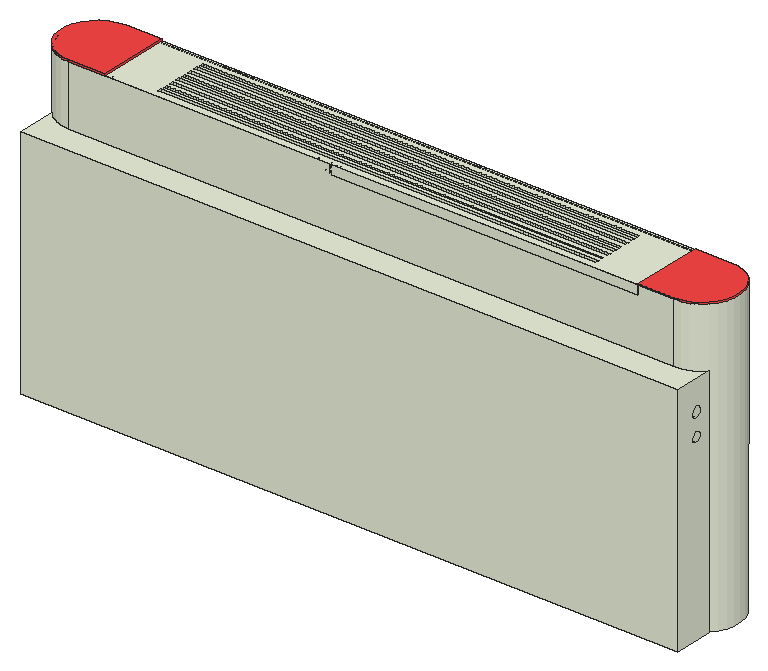
Revit family "MKH1-800-R3(R4)", category Mechanical Equipment, Revit 2013
Parameters (values of type "MKH1-800-R4")
  clearance access up = 1500.000 mm
  clearance access right = 150.000 mm
  clearance access left = 150.000 mm
  clearance access down = 90.000 mm
  clearance access behind = 50.000 mm
  clearance [instance] = no
  Width = 591.000 mm
  Series = "FCU"
  Rated current = 0.51 A
  Power supply = "220-240V ~50Hz/60Hz"
  Power Input(H/M/L) = "118/104/82 W"
  Panel color = "WH101"
  Net Weight = 34.00 kg
  Model = "MKH1-800-R4"
  Manufacturer = "Midea"
  Machine material = Galvanized Steel
  Liquid pipe = 19.050 mm
  Installation = "Indoor installation"
  Height = 200.000 mm
  Heating Capacity(H/M/L) = "8.50/7.60/5.72 kW"
  Drain pipe = 18.500 mm
  Description = "High efficiency water cooled"
  Depth = 1360.000 mm
  Cooling Capacity(H/M/L) = "8.25/7.52/5.87 kW"
  Condensation = "water"
  Circuit breaker = 15 A
  Air Flow(H/M/L) = "1300/1132/836 m3/h"
Types (3, lengths in mm): name | Rated current | Power Input(H/M/L) | Net Weight | Model | Heating Capacity(H/M/L) | Cooling Capacity(H/M/L) | Air Flow(H/M/L)
  (no name) | 0.51 A | "118/104/82 W" | 34.00 kg | "MKH1-800-R4" | "8.50/7.60/5.72 kW" | "8.25/7.52/5.87 kW" | "1300/1132/836 m3/h"
  MKH1-800-R3 | 0.53 A | "123/109/83 W" | 31.70 kg | "MKH1-800-R3" | "8.20/7.09/5.46 kW" | "7.35/6.51/5.15 kW" | "1300/1088/782 m3/h"
  MKH1-800-R4 | 0.51 A | "118/104/82 W" | 34.00 kg | "MKH1-800-R4" | "8.50/7.60/5.72 kW" | "8.25/7.52/5.87 kW" | "1300/1132/836 m3/h"
Reference planes
  plane 1 "Center (Front/Back)": y = 0
  plane 2: z = 0
  plane 3 "Center (Left/Right)": x = 0
  plane 4: x = -680
  plane 5: x = 680
  plane 6: z = 200
  plane 7: z = 80
  plane 8: x = 323
  plane 9: x = -323
  plane 10: y = 28
  plane 11: y = -100
  plane 12: y = 100
  plane 13: y = 150
  plane 14: y = -44
  plane 15: x = 440
  plane 16: x = -440
  plane 17: z = 591
Forms (mm)
  Extrusion 1, solid, material "Galvanized Steel" <- "Machine material"
    sketch origin (0, -100, 247.5) x (1, 0, 0) y (0, 1, 0)
      loop
        arc (608, 56) -> (680, 128) -> (608, 200) r 72
        line (608, 200) -> (-608, 200)
        arc (-608, 200) -> (-680, 128) -> (-608, 56) r 72
        line (-608, 56) -> (608, 56)
      loop
        line (608, 195) -> (-608, 195)
        arc (-608, 195) -> (-675, 128) -> (-608, 61) r 67
        line (-608, 61) -> (608, 61)
        arc (608, 61) -> (675, 128) -> (608, 195) r 67
    from -247.5 to 343.5
  Extrusion 2, solid, material "jinshu red"
    sketch origin (-115, -100, 247.5) x (1, 0, 0) y (0, 1, 0)
      loop
        arc (723, 56) -> (795, 128) -> (723, 200) r 72
        line (723, 200) -> (651, 200) -> (651, 56) -> (723, 56)
      loop
        arc (-493, 200) -> (-565, 128) -> (-493, 56) r 72
        line (-493, 56) -> (-421, 56) -> (-421, 200) -> (-493, 200)
    from 343.5 to 346.5
  Extrusion 3, solid, material "Galvanized Steel" <- "Machine material"
    sketch origin (0, -100, 247.5) x (1, 0, 0) y (0, 1, 0)
      loop
        line (-536, 200) -> (-536, 56) -> (536, 56) -> (536, 200) -> (-536, 200)
      loop
        line (-440, 183.236) -> (-440, 175.236) -> (440, 175.236) -> (440, 183.236) -> (-440, 183.236)
      loop
        line (-440, 168.236) -> (-440, 160.236) -> (440, 160.236) -> (440, 168.236) -> (-440, 168.236)
      loop
        line (-440, 153.236) -> (-440, 145.236) -> (440, 145.236) -> (440, 153.236) -> (-440, 153.236)
      loop
        line (-440, 138.236) -> (-440, 130.236) -> (440, 130.236) -> (440, 138.236) -> (-440, 138.236)
      loop
        line (-440, 123.236) -> (-440, 115.236) -> (440, 115.236) -> (440, 123.236) -> (-440, 123.236)
      loop
        line (-440, 108.236) -> (-440, 100.236) -> (440, 100.236) -> (440, 108.236) -> (-440, 108.236)
      loop
        line (-440, 93.236) -> (-440, 85.236) -> (440, 85.236) -> (440, 93.236) -> (-440, 93.236)
      loop
        line (-440, 78.236) -> (-440, 70.236) -> (440, 70.236) -> (440, 78.236) -> (-440, 78.236)
    from 326.5 to 343.5
  Extrusion 4, solid, material "Galvanized Steel" <- "Machine material"
    sketch origin (0, -100, 247.5) x (1, 0, 0) y (0, 1, 0)
      loop
        line (-660, 0) -> (660, 0) -> (660, 78.2)
        arc (660, 78.2) -> (636.27, 61.782) -> (608, 56) r 72
        line (608, 56) -> (-608, 56)
        arc (-608, 56) -> (-636.27, 61.782) -> (-660, 78.2) r 72
        line (-660, 78.2) -> (-660, 0)
    from -247.5 to 223.188
  Extrusion 5, solid, material "Galvanized Steel" <- "Machine material"
    sketch origin (0, -100, 247.5) x (1, 0, 0) y (0, 1, 0)
      loop
        line (608, 195) -> (-608, 195)
        arc (-608, 195) -> (-675, 128) -> (-608, 61) r 67
        line (-608, 61) -> (608, 61)
        arc (608, 61) -> (675, 128) -> (608, 195) r 67
    from -247.5 to -152.5
  Extrusion 6, solid, material "Galvanized Steel" <- "Machine material"
    sketch origin (500, 500, 0) x (0, -1, 0) y (0, 0, -1)
      loop
        circle (552.877, -410.569) r 9.525
    from 36 to 160
  Extrusion 7, solid, material "Galvanized Steel" <- "Machine material"
    sketch origin (500, 500, -45) x (0, -1, 0) y (0, 0, -1)
      loop
        circle (552.877, -410.569) r 9
    from 36 to 160
  Extrusion 8, void
    sketch origin (-323, 100, 247.5) x (-1, 0, 0) y (0, 0, -1)
      loop
        line (-798, 27.172) -> (-748, 27.172)
        arc (-748, 27.172) -> (-745.5, 29.672) -> (-748, 32.172) r 2.5
        line (-748, 32.172) -> (-798, 32.172)
        arc (-798, 32.172) -> (-800.5, 29.672) -> (-798, 27.172) r 2.5
      loop
        line (-738, 27.172) -> (-688, 27.172)
        arc (-688, 27.172) -> (-685.5, 29.672) -> (-688, 32.172) r 2.5
        line (-688, 32.172) -> (-738, 32.172)
        arc (-738, 32.172) -> (-740.5, 29.672) -> (-738, 27.172) r 2.5
      loop
        line (-678, 27.172) -> (-628, 27.172)
        arc (-628, 27.172) -> (-625.5, 29.672) -> (-628, 32.172) r 2.5
        line (-628, 32.172) -> (-678, 32.172)
        arc (-678, 32.172) -> (-680.5, 29.672) -> (-678, 27.172) r 2.5
      loop
        line (-618, 27.172) -> (-568, 27.172)
        arc (-568, 27.172) -> (-565.5, 29.672) -> (-568, 32.172) r 2.5
        line (-568, 32.172) -> (-618, 32.172)
        arc (-618, 32.172) -> (-620.5, 29.672) -> (-618, 27.172) r 2.5
      loop
        line (-558, 27.172) -> (-508, 27.172)
        arc (-508, 27.172) -> (-505.5, 29.672) -> (-508, 32.172) r 2.5
        line (-508, 32.172) -> (-558, 32.172)
        arc (-558, 32.172) -> (-560.5, 29.672) -> (-558, 27.172) r 2.5
      loop
        line (-498, 27.172) -> (-448, 27.172)
        arc (-448, 27.172) -> (-445.5, 29.672) -> (-448, 32.172) r 2.5
        line (-448, 32.172) -> (-498, 32.172)
        arc (-498, 32.172) -> (-500.5, 29.672) -> (-498, 27.172) r 2.5
      loop
        line (-438, 27.172) -> (-388, 27.172)
        arc (-388, 27.172) -> (-385.5, 29.672) -> (-388, 32.172) r 2.5
        line (-388, 32.172) -> (-438, 32.172)
        arc (-438, 32.172) -> (-440.5, 29.672) -> (-438, 27.172) r 2.5
      loop
        line (-378, 27.172) -> (-328, 27.172)
        arc (-328, 27.172) -> (-325.5, 29.672) -> (-328, 32.172) r 2.5
        line (-328, 32.172) -> (-378, 32.172)
        arc (-378, 32.172) -> (-380.5, 29.672) -> (-378, 27.172) r 2.5
      loop
        line (-318, 27.172) -> (-268, 27.172)
        arc (-268, 27.172) -> (-265.5, 29.672) -> (-268, 32.172) r 2.5
        line (-268, 32.172) -> (-318, 32.172)
        arc (-318, 32.172) -> (-320.5, 29.672) -> (-318, 27.172) r 2.5
      loop
        line (-258, 27.172) -> (-208, 27.172)
        arc (-208, 27.172) -> (-205.5, 29.672) -> (-208, 32.172) r 2.5
        line (-208, 32.172) -> (-258, 32.172)
        arc (-258, 32.172) -> (-260.5, 29.672) -> (-258, 27.172) r 2.5
      loop
        line (-198, 27.172) -> (-148, 27.172)
        arc (-148, 27.172) -> (-145.5, 29.672) -> (-148, 32.172) r 2.5
        line (-148, 32.172) -> (-198, 32.172)
        arc (-198, 32.172) -> (-200.5, 29.672) -> (-198, 27.172) r 2.5
      loop
        line (-138, 27.172) -> (-88, 27.172)
        arc (-88, 27.172) -> (-85.5, 29.672) -> (-88, 32.172) r 2.5
        line (-88, 32.172) -> (-138, 32.172)
        arc (-138, 32.172) -> (-140.5, 29.672) -> (-138, 27.172) r 2.5
      loop
        line (-78, 27.172) -> (-28, 27.172)
        arc (-28, 27.172) -> (-25.5, 29.672) -> (-28, 32.172) r 2.5
        line (-28, 32.172) -> (-78, 32.172)
        arc (-78, 32.172) -> (-80.5, 29.672) -> (-78, 27.172) r 2.5
      loop
        line (-18, 27.172) -> (32, 27.172)
        arc (32, 27.172) -> (34.5, 29.672) -> (32, 32.172) r 2.5
        line (32, 32.172) -> (-18, 32.172)
        arc (-18, 32.172) -> (-20.5, 29.672) -> (-18, 27.172) r 2.5
      loop
        line (42, 27.172) -> (92, 27.172)
        arc (92, 27.172) -> (94.5, 29.672) -> (92, 32.172) r 2.5
        line (92, 32.172) -> (42, 32.172)
        arc (42, 32.172) -> (39.5, 29.672) -> (42, 27.172) r 2.5
      loop
        line (102, 27.172) -> (152, 27.172)
        arc (152, 27.172) -> (154.5, 29.672) -> (152, 32.172) r 2.5
        line (152, 32.172) -> (102, 32.172)
        arc (102, 32.172) -> (99.5, 29.672) -> (102, 27.172) r 2.5
      loop
        line (-798, 37.172) -> (-748, 37.172)
        arc (-748, 37.172) -> (-745.5, 39.672) -> (-748, 42.172) r 2.5
        line (-748, 42.172) -> (-798, 42.172)
        arc (-798, 42.172) -> (-800.5, 39.672) -> (-798, 37.172) r 2.5
      loop
        line (-738, 37.172) -> (-688, 37.172)
        arc (-688, 37.172) -> (-685.5, 39.672) -> (-688, 42.172) r 2.5
        line (-688, 42.172) -> (-738, 42.172)
        arc (-738, 42.172) -> (-740.5, 39.672) -> (-738, 37.172) r 2.5
      loop
        line (-678, 37.172) -> (-628, 37.172)
        arc (-628, 37.172) -> (-625.5, 39.672) -> (-628, 42.172) r 2.5
        line (-628, 42.172) -> (-678, 42.172)
        arc (-678, 42.172) -> (-680.5, 39.672) -> (-678, 37.172) r 2.5
      loop
        line (-618, 37.172) -> (-568, 37.172)
        arc (-568, 37.172) -> (-565.5, 39.672) -> (-568, 42.172) r 2.5
        line (-568, 42.172) -> (-618, 42.172)
        arc (-618, 42.172) -> (-620.5, 39.672) -> (-618, 37.172) r 2.5
      loop
        line (-558, 37.172) -> (-508, 37.172)
        arc (-508, 37.172) -> (-505.5, 39.672) -> (-508, 42.172) r 2.5
        line (-508, 42.172) -> (-558, 42.172)
        arc (-558, 42.172) -> (-560.5, 39.672) -> (-558, 37.172) r 2.5
      loop
        line (-498, 37.172) -> (-448, 37.172)
        arc (-448, 37.172) -> (-445.5, 39.672) -> (-448, 42.172) r 2.5
        line (-448, 42.172) -> (-498, 42.172)
        arc (-498, 42.172) -> (-500.5, 39.672) -> (-498, 37.172) r 2.5
      loop
        line (-438, 37.172) -> (-388, 37.172)
        arc (-388, 37.172) -> (-385.5, 39.672) -> (-388, 42.172) r 2.5
        line (-388, 42.172) -> (-438, 42.172)
        arc (-438, 42.172) -> (-440.5, 39.672) -> (-438, 37.172) r 2.5
      loop
        line (-378, 37.172) -> (-328, 37.172)
        arc (-328, 37.172) -> (-325.5, 39.672) -> (-328, 42.172) r 2.5
        line (-328, 42.172) -> (-378, 42.172)
        arc (-378, 42.172) -> (-380.5, 39.672) -> (-378, 37.172) r 2.5
      loop
        line (-318, 37.172) -> (-268, 37.172)
        arc (-268, 37.172) -> (-265.5, 39.672) -> (-268, 42.172) r 2.5
        line (-268, 42.172) -> (-318, 42.172)
        arc (-318, 42.172) -> (-320.5, 39.672) -> (-318, 37.172) r 2.5
      loop
        line (-258, 37.172) -> (-208, 37.172)
        arc (-208, 37.172) -> (-205.5, 39.672) -> (-208, 42.172) r 2.5
        line (-208, 42.172) -> (-258, 42.172)
        arc (-258, 42.172) -> (-260.5, 39.672) -> (-258, 37.172) r 2.5
      loop
        line (-198, 37.172) -> (-148, 37.172)
        arc (-148, 37.172) -> (-145.5, 39.672) -> (-148, 42.172) r 2.5
        line (-148, 42.172) -> (-198, 42.172)
        arc (-198, 42.172) -> (-200.5, 39.672) -> (-198, 37.172) r 2.5
      loop
        line (-138, 37.172) -> (-88, 37.172)
        arc (-88, 37.172) -> (-85.5, 39.672) -> (-88, 42.172) r 2.5
        line (-88, 42.172) -> (-138, 42.172)
        arc (-138, 42.172) -> (-140.5, 39.672) -> (-138, 37.172) r 2.5
      loop
        line (-78, 37.172) -> (-28, 37.172)
        arc (-28, 37.172) -> (-25.5, 39.672) -> (-28, 42.172) r 2.5
        line (-28, 42.172) -> (-78, 42.172)
        arc (-78, 42.172) -> (-80.5, 39.672) -> (-78, 37.172) r 2.5
      loop
        line (-18, 37.172) -> (32, 37.172)
        arc (32, 37.172) -> (34.5, 39.672) -> (32, 42.172) r 2.5
        line (32, 42.172) -> (-18, 42.172)
        arc (-18, 42.172) -> (-20.5, 39.672) -> (-18, 37.172) r 2.5
      loop
        line (42, 37.172) -> (92, 37.172)
        arc (92, 37.172) -> (94.5, 39.672) -> (92, 42.172) r 2.5
        line (92, 42.172) -> (42, 42.172)
        arc (42, 42.172) -> (39.5, 39.672) -> (42, 37.172) r 2.5
      loop
        line (102, 37.172) -> (152, 37.172)
        arc (152, 37.172) -> (154.5, 39.672) -> (152, 42.172) r 2.5
        line (152, 42.172) -> (102, 42.172)
        arc (102, 42.172) -> (99.5, 39.672) -> (102, 37.172) r 2.5
      loop
        line (-798, 7.172) -> (-748, 7.172)
        arc (-748, 7.172) -> (-745.5, 9.672) -> (-748, 12.172) r 2.5
        line (-748, 12.172) -> (-798, 12.172)
        arc (-798, 12.172) -> (-800.5, 9.672) -> (-798, 7.172) r 2.5
      loop
        line (-738, 7.172) -> (-688, 7.172)
        arc (-688, 7.172) -> (-685.5, 9.672) -> (-688, 12.172) r 2.5
        line (-688, 12.172) -> (-738, 12.172)
        arc (-738, 12.172) -> (-740.5, 9.672) -> (-738, 7.172) r 2.5
      loop
        line (-678, 7.172) -> (-628, 7.172)
        arc (-628, 7.172) -> (-625.5, 9.672) -> (-628, 12.172) r 2.5
        line (-628, 12.172) -> (-678, 12.172)
        arc (-678, 12.172) -> (-680.5, 9.672) -> (-678, 7.172) r 2.5
      loop
        line (-618, 7.172) -> (-568, 7.172)
        arc (-568, 7.172) -> (-565.5, 9.672) -> (-568, 12.172) r 2.5
        line (-568, 12.172) -> (-618, 12.172)
        arc (-618, 12.172) -> (-620.5, 9.672) -> (-618, 7.172) r 2.5
      loop
        line (-558, 7.172) -> (-508, 7.172)
        arc (-508, 7.172) -> (-505.5, 9.672) -> (-508, 12.172) r 2.5
        line (-508, 12.172) -> (-558, 12.172)
        arc (-558, 12.172) -> (-560.5, 9.672) -> (-558, 7.172) r 2.5
      loop
        line (-498, 7.172) -> (-448, 7.172)
        arc (-448, 7.172) -> (-445.5, 9.672) -> (-448, 12.172) r 2.5
        line (-448, 12.172) -> (-498, 12.172)
        arc (-498, 12.172) -> (-500.5, 9.672) -> (-498, 7.172) r 2.5
      loop
        line (-438, 7.172) -> (-388, 7.172)
        arc (-388, 7.172) -> (-385.5, 9.672) -> (-388, 12.172) r 2.5
        line (-388, 12.172) -> (-438, 12.172)
        arc (-438, 12.172) -> (-440.5, 9.672) -> (-438, 7.172) r 2.5
      loop
        line (-378, 7.172) -> (-328, 7.172)
        arc (-328, 7.172) -> (-325.5, 9.672) -> (-328, 12.172) r 2.5
        line (-328, 12.172) -> (-378, 12.172)
        arc (-378, 12.172) -> (-380.5, 9.672) -> (-378, 7.172) r 2.5
      loop
        line (-318, 7.172) -> (-268, 7.172)
        arc (-268, 7.172) -> (-265.5, 9.672) -> (-268, 12.172) r 2.5
        line (-268, 12.172) -> (-318, 12.172)
        arc (-318, 12.172) -> (-320.5, 9.672) -> (-318, 7.172) r 2.5
      loop
        line (-258, 7.172) -> (-208, 7.172)
        arc (-208, 7.172) -> (-205.5, 9.672) -> (-208, 12.172) r 2.5
        line (-208, 12.172) -> (-258, 12.172)
        arc (-258, 12.172) -> (-260.5, 9.672) -> (-258, 7.172) r 2.5
      loop
        line (-198, 7.172) -> (-148, 7.172)
        arc (-148, 7.172) -> (-145.5, 9.672) -> (-148, 12.172) r 2.5
        line (-148, 12.172) -> (-198, 12.172)
        arc (-198, 12.172) -> (-200.5, 9.672) -> (-198, 7.172) r 2.5
      loop
        line (-138, 7.172) -> (-88, 7.172)
        arc (-88, 7.172) -> (-85.5, 9.672) -> (-88, 12.172) r 2.5
        line (-88, 12.172) -> (-138, 12.172)
        arc (-138, 12.172) -> (-140.5, 9.672) -> (-138, 7.172) r 2.5
      loop
        line (-78, 7.172) -> (-28, 7.172)
        arc (-28, 7.172) -> (-25.5, 9.672) -> (-28, 12.172) r 2.5
        line (-28, 12.172) -> (-78, 12.172)
        arc (-78, 12.172) -> (-80.5, 9.672) -> (-78, 7.172) r 2.5
      loop
        line (-18, 7.172) -> (32, 7.172)
        arc (32, 7.172) -> (34.5, 9.672) -> (32, 12.172) r 2.5
        line (32, 12.172) -> (-18, 12.172)
        arc (-18, 12.172) -> (-20.5, 9.672) -> (-18, 7.172) r 2.5
      loop
        line (42, 7.172) -> (92, 7.172)
        arc (92, 7.172) -> (94.5, 9.672) -> (92, 12.172) r 2.5
        line (92, 12.172) -> (42, 12.172)
        arc (42, 12.172) -> (39.5, 9.672) -> (42, 7.172) r 2.5
      loop
        line (102, 7.172) -> (152, 7.172)
        arc (152, 7.172) -> (154.5, 9.672) -> (152, 12.172) r 2.5
        line (152, 12.172) -> (102, 12.172)
        arc (102, 12.172) -> (99.5, 9.672) -> (102, 7.172) r 2.5
      loop
        line (-798, 17.172) -> (-748, 17.172)
        arc (-748, 17.172) -> (-745.5, 19.672) -> (-748, 22.172) r 2.5
        line (-748, 22.172) -> (-798, 22.172)
        arc (-798, 22.172) -> (-800.5, 19.672) -> (-798, 17.172) r 2.5
      loop
        line (-738, 17.172) -> (-688, 17.172)
        arc (-688, 17.172) -> (-685.5, 19.672) -> (-688, 22.172) r 2.5
        line (-688, 22.172) -> (-738, 22.172)
        arc (-738, 22.172) -> (-740.5, 19.672) -> (-738, 17.172) r 2.5
      loop
        line (-678, 17.172) -> (-628, 17.172)
        arc (-628, 17.172) -> (-625.5, 19.672) -> (-628, 22.172) r 2.5
        line (-628, 22.172) -> (-678, 22.172)
        arc (-678, 22.172) -> (-680.5, 19.672) -> (-678, 17.172) r 2.5
      loop
        line (-618, 17.172) -> (-568, 17.172)
        arc (-568, 17.172) -> (-565.5, 19.672) -> (-568, 22.172) r 2.5
        line (-568, 22.172) -> (-618, 22.172)
        arc (-618, 22.172) -> (-620.5, 19.672) -> (-618, 17.172) r 2.5
      loop
        line (-558, 17.172) -> (-508, 17.172)
        arc (-508, 17.172) -> (-505.5, 19.672) -> (-508, 22.172) r 2.5
        line (-508, 22.172) -> (-558, 22.172)
        arc (-558, 22.172) -> (-560.5, 19.672) -> (-558, 17.172) r 2.5
      loop
        line (-498, 17.172) -> (-448, 17.172)
        arc (-448, 17.172) -> (-445.5, 19.672) -> (-448, 22.172) r 2.5
        line (-448, 22.172) -> (-498, 22.172)
        arc (-498, 22.172) -> (-500.5, 19.672) -> (-498, 17.172) r 2.5
      loop
        line (-438, 17.172) -> (-388, 17.172)
        arc (-388, 17.172) -> (-385.5, 19.672) -> (-388, 22.172) r 2.5
        line (-388, 22.172) -> (-438, 22.172)
        arc (-438, 22.172) -> (-440.5, 19.672) -> (-438, 17.172) r 2.5
      loop
        line (-378, 17.172) -> (-328, 17.172)
        arc (-328, 17.172) -> (-325.5, 19.672) -> (-328, 22.172) r 2.5
        line (-328, 22.172) -> (-378, 22.172)
        arc (-378, 22.172) -> (-380.5, 19.672) -> (-378, 17.172) r 2.5
      loop
        line (-318, 17.172) -> (-268, 17.172)
        arc (-268, 17.172) -> (-265.5, 19.672) -> (-268, 22.172) r 2.5
        line (-268, 22.172) -> (-318, 22.172)
        arc (-318, 22.172) -> (-320.5, 19.672) -> (-318, 17.172) r 2.5
      loop
        line (-258, 17.172) -> (-208, 17.172)
        arc (-208, 17.172) -> (-205.5, 19.672) -> (-208, 22.172) r 2.5
        line (-208, 22.172) -> (-258, 22.172)
        arc (-258, 22.172) -> (-260.5, 19.672) -> (-258, 17.172) r 2.5
      loop
        line (-198, 17.172) -> (-148, 17.172)
        arc (-148, 17.172) -> (-145.5, 19.672) -> (-148, 22.172) r 2.5
        line (-148, 22.172) -> (-198, 22.172)
        arc (-198, 22.172) -> (-200.5, 19.672) -> (-198, 17.172) r 2.5
      loop
        line (-138, 17.172) -> (-88, 17.172)
        arc (-88, 17.172) -> (-85.5, 19.672) -> (-88, 22.172) r 2.5
        line (-88, 22.172) -> (-138, 22.172)
        arc (-138, 22.172) -> (-140.5, 19.672) -> (-138, 17.172) r 2.5
      loop
        line (-78, 17.172) -> (-28, 17.172)
        arc (-28, 17.172) -> (-25.5, 19.672) -> (-28, 22.172) r 2.5
        line (-28, 22.172) -> (-78, 22.172)
        arc (-78, 22.172) -> (-80.5, 19.672) -> (-78, 17.172) r 2.5
      loop
        line (-18, 17.172) -> (32, 17.172)
        arc (32, 17.172) -> (34.5, 19.672) -> (32, 22.172) r 2.5
        line (32, 22.172) -> (-18, 22.172)
        arc (-18, 22.172) -> (-20.5, 19.672) -> (-18, 17.172) r 2.5
      loop
        line (42, 17.172) -> (92, 17.172)
        arc (92, 17.172) -> (94.5, 19.672) -> (92, 22.172) r 2.5
        line (92, 22.172) -> (42, 22.172)
        arc (42, 22.172) -> (39.5, 19.672) -> (42, 17.172) r 2.5
      loop
        line (102, 17.172) -> (152, 17.172)
        arc (152, 17.172) -> (154.5, 19.672) -> (152, 22.172) r 2.5
        line (152, 22.172) -> (102, 22.172)
        arc (102, 22.172) -> (99.5, 19.672) -> (102, 17.172) r 2.5
      loop
        line (-798, -12.828) -> (-748, -12.828)
        arc (-748, -12.828) -> (-745.5, -10.328) -> (-748, -7.828) r 2.5
        line (-748, -7.828) -> (-798, -7.828)
        arc (-798, -7.828) -> (-800.5, -10.328) -> (-798, -12.828) r 2.5
      loop
        line (-738, -12.828) -> (-688, -12.828)
        arc (-688, -12.828) -> (-685.5, -10.328) -> (-688, -7.828) r 2.5
        line (-688, -7.828) -> (-738, -7.828)
        arc (-738, -7.828) -> (-740.5, -10.328) -> (-738, -12.828) r 2.5
      loop
        line (-678, -12.828) -> (-628, -12.828)
        arc (-628, -12.828) -> (-625.5, -10.328) -> (-628, -7.828) r 2.5
        line (-628, -7.828) -> (-678, -7.828)
        arc (-678, -7.828) -> (-680.5, -10.328) -> (-678, -12.828) r 2.5
      loop
        line (-618, -12.828) -> (-568, -12.828)
        arc (-568, -12.828) -> (-565.5, -10.328) -> (-568, -7.828) r 2.5
        line (-568, -7.828) -> (-618, -7.828)
        arc (-618, -7.828) -> (-620.5, -10.328) -> (-618, -12.828) r 2.5
      loop
        line (-558, -12.828) -> (-508, -12.828)
        arc (-508, -12.828) -> (-505.5, -10.328) -> (-508, -7.828) r 2.5
        line (-508, -7.828) -> (-558, -7.828)
        arc (-558, -7.828) -> (-560.5, -10.328) -> (-558, -12.828) r 2.5
      loop
        line (-498, -12.828) -> (-448, -12.828)
        arc (-448, -12.828) -> (-445.5, -10.328) -> (-448, -7.828) r 2.5
        line (-448, -7.828) -> (-498, -7.828)
        arc (-498, -7.828) -> (-500.5, -10.328) -> (-498, -12.828) r 2.5
      loop
        line (-438, -12.828) -> (-388, -12.828)
        arc (-388, -12.828) -> (-385.5, -10.328) -> (-388, -7.828) r 2.5
        line (-388, -7.828) -> (-438, -7.828)
        arc (-438, -7.828) -> (-440.5, -10.328) -> (-438, -12.828) r 2.5
      loop
        line (-378, -12.828) -> (-328, -12.828)
        arc (-328, -12.828) -> (-325.5, -10.328) -> (-328, -7.828) r 2.5
        line (-328, -7.828) -> (-378, -7.828)
        arc (-378, -7.828) -> (-380.5, -10.328) -> (-378, -12.828) r 2.5
      loop
        line (-318, -12.828) -> (-268, -12.828)
        arc (-268, -12.828) -> (-265.5, -10.328) -> (-268, -7.828) r 2.5
        line (-268, -7.828) -> (-318, -7.828)
        arc (-318, -7.828) -> (-320.5, -10.328) -> (-318, -12.828) r 2.5
      loop
        line (-258, -12.828) -> (-208, -12.828)
        arc (-208, -12.828) -> (-205.5, -10.328) -> (-208, -7.828) r 2.5
        line (-208, -7.828) -> (-258, -7.828)
        arc (-258, -7.828) -> (-260.5, -10.328) -> (-258, -12.828) r 2.5
      loop
        line (-198, -12.828) -> (-148, -12.828)
        arc (-148, -12.828) -> (-145.5, -10.328) -> (-148, -7.828) r 2.5
        line (-148, -7.828) -> (-198, -7.828)
        arc (-198, -7.828) -> (-200.5, -10.328) -> (-198, -12.828) r 2.5
      loop
        line (-138, -12.828) -> (-88, -12.828)
        arc (-88, -12.828) -> (-85.5, -10.328) -> (-88, -7.828) r 2.5
        line (-88, -7.828) -> (-138, -7.828)
        arc (-138, -7.828) -> (-140.5, -10.328) -> (-138, -12.828) r 2.5
      loop
        line (-78, -12.828) -> (-28, -12.828)
        arc (-28, -12.828) -> (-25.5, -10.328) -> (-28, -7.828) r 2.5
        line (-28, -7.828) -> (-78, -7.828)
        arc (-78, -7.828) -> (-80.5, -10.328) -> (-78, -12.828) r 2.5
      loop
        line (-18, -12.828) -> (32, -12.828)
        arc (32, -12.828) -> (34.5, -10.328) -> (32, -7.828) r 2.5
        line (32, -7.828) -> (-18, -7.828)
        arc (-18, -7.828) -> (-20.5, -10.328) -> (-18, -12.828) r 2.5
      loop
        line (42, -12.828) -> (92, -12.828)
        arc (92, -12.828) -> (94.5, -10.328) -> (92, -7.828) r 2.5
        line (92, -7.828) -> (42, -7.828)
        arc (42, -7.828) -> (39.5, -10.328) -> (42, -12.828) r 2.5
      loop
        line (102, -12.828) -> (152, -12.828)
        arc (152, -12.828) -> (154.5, -10.328) -> (152, -7.828) r 2.5
        line (152, -7.828) -> (102, -7.828)
        arc (102, -7.828) -> (99.5, -10.328) -> (102, -12.828) r 2.5
      loop
        line (-798, -2.828) -> (-748, -2.828)
        arc (-748, -2.828) -> (-745.5, -0.328) -> (-748, 2.172) r 2.5
        line (-748, 2.172) -> (-798, 2.172)
        arc (-798, 2.172) -> (-800.5, -0.328) -> (-798, -2.828) r 2.5
      loop
        line (-738, -2.828) -> (-688, -2.828)
        arc (-688, -2.828) -> (-685.5, -0.328) -> (-688, 2.172) r 2.5
        line (-688, 2.172) -> (-738, 2.172)
        arc (-738, 2.172) -> (-740.5, -0.328) -> (-738, -2.828) r 2.5
      loop
        line (-678, -2.828) -> (-628, -2.828)
        arc (-628, -2.828) -> (-625.5, -0.328) -> (-628, 2.172) r 2.5
        line (-628, 2.172) -> (-678, 2.172)
        arc (-678, 2.172) -> (-680.5, -0.328) -> (-678, -2.828) r 2.5
      loop
        line (-618, -2.828) -> (-568, -2.828)
        arc (-568, -2.828) -> (-565.5, -0.328) -> (-568, 2.172) r 2.5
        line (-568, 2.172) -> (-618, 2.172)
        arc (-618, 2.172) -> (-620.5, -0.328) -> (-618, -2.828) r 2.5
      loop
        line (-558, -2.828) -> (-508, -2.828)
        arc (-508, -2.828) -> (-505.5, -0.328) -> (-508, 2.172) r 2.5
        line (-508, 2.172) -> (-558, 2.172)
        arc (-558, 2.172) -> (-560.5, -0.328) -> (-558, -2.828) r 2.5
      loop
        line (-498, -2.828) -> (-448, -2.828)
        arc (-448, -2.828) -> (-445.5, -0.328) -> (-448, 2.172) r 2.5
        line (-448, 2.172) -> (-498, 2.172)
        arc (-498, 2.172) -> (-500.5, -0.328) -> (-498, -2.828) r 2.5
      loop
        line (-438, -2.828) -> (-388, -2.828)
        arc (-388, -2.828) -> (-385.5, -0.328) -> (-388, 2.172) r 2.5
        line (-388, 2.172) -> (-438, 2.172)
        arc (-438, 2.172) -> (-440.5, -0.328) -> (-438, -2.828) r 2.5
      loop
        line (-378, -2.828) -> (-328, -2.828)
        arc (-328, -2.828) -> (-325.5, -0.328) -> (-328, 2.172) r 2.5
        line (-328, 2.172) -> (-378, 2.172)
        arc (-378, 2.172) -> (-380.5, -0.328) -> (-378, -2.828) r 2.5
      loop
        line (-318, -2.828) -> (-268, -2.828)
        arc (-268, -2.828) -> (-265.5, -0.328) -> (-268, 2.172) r 2.5
        line (-268, 2.172) -> (-318, 2.172)
        arc (-318, 2.172) -> (-320.5, -0.328) -> (-318, -2.828) r 2.5
      loop
        line (-258, -2.828) -> (-208, -2.828)
        arc (-208, -2.828) -> (-205.5, -0.328) -> (-208, 2.172) r 2.5
        line (-208, 2.172) -> (-258, 2.172)
        arc (-258, 2.172) -> (-260.5, -0.328) -> (-258, -2.828) r 2.5
      loop
        line (-198, -2.828) -> (-148, -2.828)
        arc (-148, -2.828) -> (-145.5, -0.328) -> (-148, 2.172) r 2.5
        line (-148, 2.172) -> (-198, 2.172)
        arc (-198, 2.172) -> (-200.5, -0.328) -> (-198, -2.828) r 2.5
      loop
        line (-138, -2.828) -> (-88, -2.828)
        arc (-88, -2.828) -> (-85.5, -0.328) -> (-88, 2.172) r 2.5
        line (-88, 2.172) -> (-138, 2.172)
        arc (-138, 2.172) -> (-140.5, -0.328) -> (-138, -2.828) r 2.5
      loop
        line (-78, -2.828) -> (-28, -2.828)
        arc (-28, -2.828) -> (-25.5, -0.328) -> (-28, 2.172) r 2.5
        line (-28, 2.172) -> (-78, 2.172)
        arc (-78, 2.172) -> (-80.5, -0.328) -> (-78, -2.828) r 2.5
      loop
        line (-18, -2.828) -> (32, -2.828)
        arc (32, -2.828) -> (34.5, -0.328) -> (32, 2.172) r 2.5
        line (32, 2.172) -> (-18, 2.172)
        arc (-18, 2.172) -> (-20.5, -0.328) -> (-18, -2.828) r 2.5
      loop
        line (42, -2.828) -> (92, -2.828)
        arc (92, -2.828) -> (94.5, -0.328) -> (92, 2.172) r 2.5
        line (92, 2.172) -> (42, 2.172)
        arc (42, 2.172) -> (39.5, -0.328) -> (42, -2.828) r 2.5
      loop
        line (102, -2.828) -> (152, -2.828)
        arc (152, -2.828) -> (154.5, -0.328) -> (152, 2.172) r 2.5
        line (152, 2.172) -> (102, 2.172)
        arc (102, 2.172) -> (99.5, -0.328) -> (102, -2.828) r 2.5
      loop
        line (-798, -32.828) -> (-748, -32.828)
        arc (-748, -32.828) -> (-745.5, -30.328) -> (-748, -27.828) r 2.5
        line (-748, -27.828) -> (-798, -27.828)
        arc (-798, -27.828) -> (-800.5, -30.328) -> (-798, -32.828) r 2.5
      loop
        line (-738, -32.828) -> (-688, -32.828)
        arc (-688, -32.828) -> (-685.5, -30.328) -> (-688, -27.828) r 2.5
        line (-688, -27.828) -> (-738, -27.828)
        arc (-738, -27.828) -> (-740.5, -30.328) -> (-738, -32.828) r 2.5
      loop
        line (-678, -32.828) -> (-628, -32.828)
        arc (-628, -32.828) -> (-625.5, -30.328) -> (-628, -27.828) r 2.5
        line (-628, -27.828) -> (-678, -27.828)
        arc (-678, -27.828) -> (-680.5, -30.328) -> (-678, -32.828) r 2.5
      loop
        line (-618, -32.828) -> (-568, -32.828)
        arc (-568, -32.828) -> (-565.5, -30.328) -> (-568, -27.828) r 2.5
        line (-568, -27.828) -> (-618, -27.828)
        arc (-618, -27.828) -> (-620.5, -30.328) -> (-618, -32.828) r 2.5
      loop
        line (-558, -32.828) -> (-508, -32.828)
        arc (-508, -32.828) -> (-505.5, -30.328) -> (-508, -27.828) r 2.5
        line (-508, -27.828) -> (-558, -27.828)
        arc (-558, -27.828) -> (-560.5, -30.328) -> (-558, -32.828) r 2.5
      loop
        line (-498, -32.828) -> (-448, -32.828)
        arc (-448, -32.828) -> (-445.5, -30.328) -> (-448, -27.828) r 2.5
        line (-448, -27.828) -> (-498, -27.828)
        arc (-498, -27.828) -> (-500.5, -30.328) -> (-498, -32.828) r 2.5
      loop
        line (-438, -32.828) -> (-388, -32.828)
        arc (-388, -32.828) -> (-385.5, -30.328) -> (-388, -27.828) r 2.5
        line (-388, -27.828) -> (-438, -27.828)
        arc (-438, -27.828) -> (-440.5, -30.328) -> (-438, -32.828) r 2.5
      loop
        line (-378, -32.828) -> (-328, -32.828)
        arc (-328, -32.828) -> (-325.5, -30.328) -> (-328, -27.828) r 2.5
        line (-328, -27.828) -> (-378, -27.828)
        arc (-378, -27.828) -> (-380.5, -30.328) -> (-378, -32.828) r 2.5
      loop
        line (-318, -32.828) -> (-268, -32.828)
        arc (-268, -32.828) -> (-265.5, -30.328) -> (-268, -27.828) r 2.5
        line (-268, -27.828) -> (-318, -27.828)
        arc (-318, -27.828) -> (-320.5, -30.328) -> (-318, -32.828) r 2.5
      loop
        line (-258, -32.828) -> (-208, -32.828)
        arc (-208, -32.828) -> (-205.5, -30.328) -> (-208, -27.828) r 2.5
        line (-208, -27.828) -> (-258, -27.828)
        arc (-258, -27.828) -> (-260.5, -30.328) -> (-258, -32.828) r 2.5
      loop
        line (-198, -32.828) -> (-148, -32.828)
        arc (-148, -32.828) -> (-145.5, -30.328) -> (-148, -27.828) r 2.5
        line (-148, -27.828) -> (-198, -27.828)
        arc (-198, -27.828) -> (-200.5, -30.328) -> (-198, -32.828) r 2.5
      loop
        line (-138, -32.828) -> (-88, -32.828)
        arc (-88, -32.828) -> (-85.5, -30.328) -> (-88, -27.828) r 2.5
        line (-88, -27.828) -> (-138, -27.828)
        arc (-138, -27.828) -> (-140.5, -30.328) -> (-138, -32.828) r 2.5
      loop
        line (-78, -32.828) -> (-28, -32.828)
        arc (-28, -32.828) -> (-25.5, -30.328) -> (-28, -27.828) r 2.5
        line (-28, -27.828) -> (-78, -27.828)
        arc (-78, -27.828) -> (-80.5, -30.328) -> (-78, -32.828) r 2.5
      loop
        line (-18, -32.828) -> (32, -32.828)
        arc (32, -32.828) -> (34.5, -30.328) -> (32, -27.828) r 2.5
        line (32, -27.828) -> (-18, -27.828)
        arc (-18, -27.828) -> (-20.5, -30.328) -> (-18, -32.828) r 2.5
      loop
        line (42, -32.828) -> (92, -32.828)
        arc (92, -32.828) -> (94.5, -30.328) -> (92, -27.828) r 2.5
        line (92, -27.828) -> (42, -27.828)
        arc (42, -27.828) -> (39.5, -30.328) -> (42, -32.828) r 2.5
      loop
        line (102, -32.828) -> (152, -32.828)
        arc (152, -32.828) -> (154.5, -30.328) -> (152, -27.828) r 2.5
        line (152, -27.828) -> (102, -27.828)
        arc (102, -27.828) -> (99.5, -30.328) -> (102, -32.828) r 2.5
      loop
        line (-798, -22.828) -> (-748, -22.828)
        arc (-748, -22.828) -> (-745.5, -20.328) -> (-748, -17.828) r 2.5
        line (-748, -17.828) -> (-798, -17.828)
        arc (-798, -17.828) -> (-800.5, -20.328) -> (-798, -22.828) r 2.5
      loop
        line (-738, -22.828) -> (-688, -22.828)
        arc (-688, -22.828) -> (-685.5, -20.328) -> (-688, -17.828) r 2.5
        line (-688, -17.828) -> (-738, -17.828)
        arc (-738, -17.828) -> (-740.5, -20.328) -> (-738, -22.828) r 2.5
      loop
        line (-678, -22.828) -> (-628, -22.828)
        arc (-628, -22.828) -> (-625.5, -20.328) -> (-628, -17.828) r 2.5
        line (-628, -17.828) -> (-678, -17.828)
        arc (-678, -17.828) -> (-680.5, -20.328) -> (-678, -22.828) r 2.5
      loop
        line (-618, -22.828) -> (-568, -22.828)
        arc (-568, -22.828) -> (-565.5, -20.328) -> (-568, -17.828) r 2.5
        line (-568, -17.828) -> (-618, -17.828)
        arc (-618, -17.828) -> (-620.5, -20.328) -> (-618, -22.828) r 2.5
      loop
        line (-558, -22.828) -> (-508, -22.828)
        arc (-508, -22.828) -> (-505.5, -20.328) -> (-508, -17.828) r 2.5
        line (-508, -17.828) -> (-558, -17.828)
        arc (-558, -17.828) -> (-560.5, -20.328) -> (-558, -22.828) r 2.5
      loop
        line (-498, -22.828) -> (-448, -22.828)
        arc (-448, -22.828) -> (-445.5, -20.328) -> (-448, -17.828) r 2.5
        line (-448, -17.828) -> (-498, -17.828)
        arc (-498, -17.828) -> (-500.5, -20.328) -> (-498, -22.828) r 2.5
      loop
        line (-438, -22.828) -> (-388, -22.828)
        arc (-388, -22.828) -> (-385.5, -20.328) -> (-388, -17.828) r 2.5
        line (-388, -17.828) -> (-438, -17.828)
        arc (-438, -17.828) -> (-440.5, -20.328) -> (-438, -22.828) r 2.5
      loop
        line (-378, -22.828) -> (-328, -22.828)
        arc (-328, -22.828) -> (-325.5, -20.328) -> (-328, -17.828) r 2.5
        line (-328, -17.828) -> (-378, -17.828)
        arc (-378, -17.828) -> (-380.5, -20.328) -> (-378, -22.828) r 2.5
      loop
        line (-318, -22.828) -> (-268, -22.828)
        arc (-268, -22.828) -> (-265.5, -20.328) -> (-268, -17.828) r 2.5
        line (-268, -17.828) -> (-318, -17.828)
        arc (-318, -17.828) -> (-320.5, -20.328) -> (-318, -22.828) r 2.5
      loop
        line (-258, -22.828) -> (-208, -22.828)
        arc (-208, -22.828) -> (-205.5, -20.328) -> (-208, -17.828) r 2.5
        line (-208, -17.828) -> (-258, -17.828)
        arc (-258, -17.828) -> (-260.5, -20.328) -> (-258, -22.828) r 2.5
      loop
        line (-198, -22.828) -> (-148, -22.828)
        arc (-148, -22.828) -> (-145.5, -20.328) -> (-148, -17.828) r 2.5
        line (-148, -17.828) -> (-198, -17.828)
        arc (-198, -17.828) -> (-200.5, -20.328) -> (-198, -22.828) r 2.5
      loop
        line (-138, -22.828) -> (-88, -22.828)
        arc (-88, -22.828) -> (-85.5, -20.328) -> (-88, -17.828) r 2.5
        line (-88, -17.828) -> (-138, -17.828)
        arc (-138, -17.828) -> (-140.5, -20.328) -> (-138, -22.828) r 2.5
      loop
        line (-78, -22.828) -> (-28, -22.828)
        arc (-28, -22.828) -> (-25.5, -20.328) -> (-28, -17.828) r 2.5
        line (-28, -17.828) -> (-78, -17.828)
        arc (-78, -17.828) -> (-80.5, -20.328) -> (-78, -22.828) r 2.5
      loop
        line (-18, -22.828) -> (32, -22.828)
        arc (32, -22.828) -> (34.5, -20.328) -> (32, -17.828) r 2.5
        line (32, -17.828) -> (-18, -17.828)
        arc (-18, -17.828) -> (-20.5, -20.328) -> (-18, -22.828) r 2.5
      loop
        line (42, -22.828) -> (92, -22.828)
        arc (92, -22.828) -> (94.5, -20.328) -> (92, -17.828) r 2.5
        line (92, -17.828) -> (42, -17.828)
        arc (42, -17.828) -> (39.5, -20.328) -> (42, -22.828) r 2.5
      loop
        line (102, -22.828) -> (152, -22.828)
        arc (152, -22.828) -> (154.5, -20.328) -> (152, -17.828) r 2.5
        line (152, -17.828) -> (102, -17.828)
        arc (102, -17.828) -> (99.5, -20.328) -> (102, -22.828) r 2.5
      loop
        line (-798, 67.172) -> (-748, 67.172)
        arc (-748, 67.172) -> (-745.5, 69.672) -> (-748, 72.172) r 2.5
        line (-748, 72.172) -> (-798, 72.172)
        arc (-798, 72.172) -> (-800.5, 69.672) -> (-798, 67.172) r 2.5
      loop
        line (-738, 67.172) -> (-688, 67.172)
        arc (-688, 67.172) -> (-685.5, 69.672) -> (-688, 72.172) r 2.5
        line (-688, 72.172) -> (-738, 72.172)
        arc (-738, 72.172) -> (-740.5, 69.672) -> (-738, 67.172) r 2.5
      loop
        line (-678, 67.172) -> (-628, 67.172)
        arc (-628, 67.172) -> (-625.5, 69.672) -> (-628, 72.172) r 2.5
        line (-628, 72.172) -> (-678, 72.172)
        arc (-678, 72.172) -> (-680.5, 69.672) -> (-678, 67.172) r 2.5
      loop
        line (-618, 67.172) -> (-568, 67.172)
        arc (-568, 67.172) -> (-565.5, 69.672) -> (-568, 72.172) r 2.5
        line (-568, 72.172) -> (-618, 72.172)
        arc (-618, 72.172) -> (-620.5, 69.672) -> (-618, 67.172) r 2.5
      loop
        line (-558, 67.172) -> (-508, 67.172)
        arc (-508, 67.172) -> (-505.5, 69.672) -> (-508, 72.172) r 2.5
        line (-508, 72.172) -> (-558, 72.172)
        arc (-558, 72.172) -> (-560.5, 69.672) -> (-558, 67.172) r 2.5
      loop
        line (-498, 67.172) -> (-448, 67.172)
        arc (-448, 67.172) -> (-445.5, 69.672) -> (-448, 72.172) r 2.5
        line (-448, 72.172) -> (-498, 72.172)
        arc (-498, 72.172) -> (-500.5, 69.672) -> (-498, 67.172) r 2.5
      loop
        line (-438, 67.172) -> (-388, 67.172)
        arc (-388, 67.172) -> (-385.5, 69.672) -> (-388, 72.172) r 2.5
        line (-388, 72.172) -> (-438, 72.172)
        arc (-438, 72.172) -> (-440.5, 69.672) -> (-438, 67.172) r 2.5
      loop
        line (-378, 67.172) -> (-328, 67.172)
        arc (-328, 67.172) -> (-325.5, 69.672) -> (-328, 72.172) r 2.5
        line (-328, 72.172) -> (-378, 72.172)
        arc (-378, 72.172) -> (-380.5, 69.672) -> (-378, 67.172) r 2.5
      loop
        line (-318, 67.172) -> (-268, 67.172)
        arc (-268, 67.172) -> (-265.5, 69.672) -> (-268, 72.172) r 2.5
        line (-268, 72.172) -> (-318, 72.172)
        arc (-318, 72.172) -> (-320.5, 69.672) -> (-318, 67.172) r 2.5
      loop
        line (-258, 67.172) -> (-208, 67.172)
        arc (-208, 67.172) -> (-205.5, 69.672) -> (-208, 72.172) r 2.5
        line (-208, 72.172) -> (-258, 72.172)
        arc (-258, 72.172) -> (-260.5, 69.672) -> (-258, 67.172) r 2.5
      loop
        line (-198, 67.172) -> (-148, 67.172)
        arc (-148, 67.172) -> (-145.5, 69.672) -> (-148, 72.172) r 2.5
        line (-148, 72.172) -> (-198, 72.172)
        arc (-198, 72.172) -> (-200.5, 69.672) -> (-198, 67.172) r 2.5
      loop
        line (-138, 67.172) -> (-88, 67.172)
        arc (-88, 67.172) -> (-85.5, 69.672) -> (-88, 72.172) r 2.5
        line (-88, 72.172) -> (-138, 72.172)
        arc (-138, 72.172) -> (-140.5, 69.672) -> (-138, 67.172) r 2.5
      loop
        line (-78, 67.172) -> (-28, 67.172)
        arc (-28, 67.172) -> (-25.5, 69.672) -> (-28, 72.172) r 2.5
        line (-28, 72.172) -> (-78, 72.172)
        arc (-78, 72.172) -> (-80.5, 69.672) -> (-78, 67.172) r 2.5
      loop
        line (-18, 67.172) -> (32, 67.172)
        arc (32, 67.172) -> (34.5, 69.672) -> (32, 72.172) r 2.5
        line (32, 72.172) -> (-18, 72.172)
        arc (-18, 72.172) -> (-20.5, 69.672) -> (-18, 67.172) r 2.5
      loop
        line (42, 67.172) -> (92, 67.172)
        arc (92, 67.172) -> (94.5, 69.672) -> (92, 72.172) r 2.5
        line (92, 72.172) -> (42, 72.172)
        arc (42, 72.172) -> (39.5, 69.672) -> (42, 67.172) r 2.5
      loop
        line (102, 67.172) -> (152, 67.172)
        arc (152, 67.172) -> (154.5, 69.672) -> (152, 72.172) r 2.5
        line (152, 72.172) -> (102, 72.172)
        arc (102, 72.172) -> (99.5, 69.672) -> (102, 67.172) r 2.5
      loop
        line (-798, 77.172) -> (-748, 77.172)
        arc (-748, 77.172) -> (-745.5, 79.672) -> (-748, 82.172) r 2.5
        line (-748, 82.172) -> (-798, 82.172)
        arc (-798, 82.172) -> (-800.5, 79.672) -> (-798, 77.172) r 2.5
      loop
        line (-738, 77.172) -> (-688, 77.172)
        arc (-688, 77.172) -> (-685.5, 79.672) -> (-688, 82.172) r 2.5
        line (-688, 82.172) -> (-738, 82.172)
        arc (-738, 82.172) -> (-740.5, 79.672) -> (-738, 77.172) r 2.5
      loop
        line (-678, 77.172) -> (-628, 77.172)
        arc (-628, 77.172) -> (-625.5, 79.672) -> (-628, 82.172) r 2.5
        line (-628, 82.172) -> (-678, 82.172)
        arc (-678, 82.172) -> (-680.5, 79.672) -> (-678, 77.172) r 2.5
      loop
        line (-618, 77.172) -> (-568, 77.172)
        arc (-568, 77.172) -> (-565.5, 79.672) -> (-568, 82.172) r 2.5
        line (-568, 82.172) -> (-618, 82.172)
        arc (-618, 82.172) -> (-620.5, 79.672) -> (-618, 77.172) r 2.5
      loop
        line (-558, 77.172) -> (-508, 77.172)
        arc (-508, 77.172) -> (-505.5, 79.672) -> (-508, 82.172) r 2.5
        line (-508, 82.172) -> (-558, 82.172)
        arc (-558, 82.172) -> (-560.5, 79.672) -> (-558, 77.172) r 2.5
      loop
        line (-498, 77.172) -> (-448, 77.172)
        arc (-448, 77.172) -> (-445.5, 79.672) -> (-448, 82.172) r 2.5
        line (-448, 82.172) -> (-498, 82.172)
        arc (-498, 82.172) -> (-500.5, 79.672) -> (-498, 77.172) r 2.5
      loop
        line (-438, 77.172) -> (-388, 77.172)
        arc (-388, 77.172) -> (-385.5, 79.672) -> (-388, 82.172) r 2.5
        line (-388, 82.172) -> (-438, 82.172)
        arc (-438, 82.172) -> (-440.5, 79.672) -> (-438, 77.172) r 2.5
      loop
        line (-378, 77.172) -> (-328, 77.172)
        arc (-328, 77.172) -> (-325.5, 79.672) -> (-328, 82.172) r 2.5
        line (-328, 82.172) -> (-378, 82.172)
        arc (-378, 82.172) -> (-380.5, 79.672) -> (-378, 77.172) r 2.5
      loop
        line (-318, 77.172) -> (-268, 77.172)
        arc (-268, 77.172) -> (-265.5, 79.672) -> (-268, 82.172) r 2.5
        line (-268, 82.172) -> (-318, 82.172)
        arc (-318, 82.172) -> (-320.5, 79.672) -> (-318, 77.172) r 2.5
      loop
        line (-258, 77.172) -> (-208, 77.172)
        arc (-208, 77.172) -> (-205.5, 79.672) -> (-208, 82.172) r 2.5
        line (-208, 82.172) -> (-258, 82.172)
        arc (-258, 82.172) -> (-260.5, 79.672) -> (-258, 77.172) r 2.5
      loop
        line (-198, 77.172) -> (-148, 77.172)
        arc (-148, 77.172) -> (-145.5, 79.672) -> (-148, 82.172) r 2.5
        line (-148, 82.172) -> (-198, 82.172)
        arc (-198, 82.172) -> (-200.5, 79.672) -> (-198, 77.172) r 2.5
      loop
        line (-138, 77.172) -> (-88, 77.172)
        arc (-88, 77.172) -> (-85.5, 79.672) -> (-88, 82.172) r 2.5
        line (-88, 82.172) -> (-138, 82.172)
        arc (-138, 82.172) -> (-140.5, 79.672) -> (-138, 77.172) r 2.5
      loop
        line (-78, 77.172) -> (-28, 77.172)
        arc (-28, 77.172) -> (-25.5, 79.672) -> (-28, 82.172) r 2.5
        line (-28, 82.172) -> (-78, 82.172)
        arc (-78, 82.172) -> (-80.5, 79.672) -> (-78, 77.172) r 2.5
      loop
        line (-18, 77.172) -> (32, 77.172)
        arc (32, 77.172) -> (34.5, 79.672) -> (32, 82.172) r 2.5
        line (32, 82.172) -> (-18, 82.172)
        arc (-18, 82.172) -> (-20.5, 79.672) -> (-18, 77.172) r 2.5
      loop
        line (42, 77.172) -> (92, 77.172)
        arc (92, 77.172) -> (94.5, 79.672) -> (92, 82.172) r 2.5
        line (92, 82.172) -> (42, 82.172)
        arc (42, 82.172) -> (39.5, 79.672) -> (42, 77.172) r 2.5
      loop
        line (102, 77.172) -> (152, 77.172)
        arc (152, 77.172) -> (154.5, 79.672) -> (152, 82.172) r 2.5
        line (152, 82.172) -> (102, 82.172)
        arc (102, 82.172) -> (99.5, 79.672) -> (102, 77.172) r 2.5
      loop
        line (-798, 47.172) -> (-748, 47.172)
        arc (-748, 47.172) -> (-745.5, 49.672) -> (-748, 52.172) r 2.5
        line (-748, 52.172) -> (-798, 52.172)
        arc (-798, 52.172) -> (-800.5, 49.672) -> (-798, 47.172) r 2.5
      loop
        line (-738, 47.172) -> (-688, 47.172)
        arc (-688, 47.172) -> (-685.5, 49.672) -> (-688, 52.172) r 2.5
        line (-688, 52.172) -> (-738, 52.172)
        arc (-738, 52.172) -> (-740.5, 49.672) -> (-738, 47.172) r 2.5
      loop
        line (-678, 47.172) -> (-628, 47.172)
        arc (-628, 47.172) -> (-625.5, 49.672) -> (-628, 52.172) r 2.5
        line (-628, 52.172) -> (-678, 52.172)
        arc (-678, 52.172) -> (-680.5, 49.672) -> (-678, 47.172) r 2.5
      loop
        line (-618, 47.172) -> (-568, 47.172)
        arc (-568, 47.172) -> (-565.5, 49.672) -> (-568, 52.172) r 2.5
        line (-568, 52.172) -> (-618, 52.172)
        arc (-618, 52.172) -> (-620.5, 49.672) -> (-618, 47.172) r 2.5
      loop
        line (-558, 47.172) -> (-508, 47.172)
        arc (-508, 47.172) -> (-505.5, 49.672) -> (-508, 52.172) r 2.5
        line (-508, 52.172) -> (-558, 52.172)
        arc (-558, 52.172) -> (-560.5, 49.672) -> (-558, 47.172) r 2.5
      loop
        line (-498, 47.172) -> (-448, 47.172)
        arc (-448, 47.172) -> (-445.5, 49.672) -> (-448, 52.172) r 2.5
        line (-448, 52.172) -> (-498, 52.172)
        arc (-498, 52.172) -> (-500.5, 49.672) -> (-498, 47.172) r 2.5
      loop
        line (-438, 47.172) -> (-388, 47.172)
        arc (-388, 47.172) -> (-385.5, 49.672) -> (-388, 52.172) r 2.5
        line (-388, 52.172) -> (-438, 52.172)
        arc (-438, 52.172) -> (-440.5, 49.672) -> (-438, 47.172) r 2.5
      loop
        line (-378, 47.172) -> (-328, 47.172)
        arc (-328, 47.172) -> (-325.5, 49.672) -> (-328, 52.172) r 2.5
        line (-328, 52.172) -> (-378, 52.172)
        arc (-378, 52.172) -> (-380.5, 49.672) -> (-378, 47.172) r 2.5
      loop
        line (-318, 47.172) -> (-268, 47.172)
        arc (-268, 47.172) -> (-265.5, 49.672) -> (-268, 52.172) r 2.5
        line (-268, 52.172) -> (-318, 52.172)
        arc (-318, 52.172) -> (-320.5, 49.672) -> (-318, 47.172) r 2.5
      loop
        line (-258, 47.172) -> (-208, 47.172)
        arc (-208, 47.172) -> (-205.5, 49.672) -> (-208, 52.172) r 2.5
        line (-208, 52.172) -> (-258, 52.172)
        arc (-258, 52.172) -> (-260.5, 49.672) -> (-258, 47.172) r 2.5
      loop
        line (-198, 47.172) -> (-148, 47.172)
        arc (-148, 47.172) -> (-145.5, 49.672) -> (-148, 52.172) r 2.5
        line (-148, 52.172) -> (-198, 52.172)
        arc (-198, 52.172) -> (-200.5, 49.672) -> (-198, 47.172) r 2.5
      loop
        line (-138, 47.172) -> (-88, 47.172)
        arc (-88, 47.172) -> (-85.5, 49.672) -> (-88, 52.172) r 2.5
        line (-88, 52.172) -> (-138, 52.172)
        arc (-138, 52.172) -> (-140.5, 49.672) -> (-138, 47.172) r 2.5
      loop
        line (-78, 47.172) -> (-28, 47.172)
        arc (-28, 47.172) -> (-25.5, 49.672) -> (-28, 52.172) r 2.5
        line (-28, 52.172) -> (-78, 52.172)
        arc (-78, 52.172) -> (-80.5, 49.672) -> (-78, 47.172) r 2.5
      loop
        line (-18, 47.172) -> (32, 47.172)
        arc (32, 47.172) -> (34.5, 49.672) -> (32, 52.172) r 2.5
        line (32, 52.172) -> (-18, 52.172)
        arc (-18, 52.172) -> (-20.5, 49.672) -> (-18, 47.172) r 2.5
      loop
        line (42, 47.172) -> (92, 47.172)
        arc (92, 47.172) -> (94.5, 49.672) -> (92, 52.172) r 2.5
        line (92, 52.172) -> (42, 52.172)
        arc (42, 52.172) -> (39.5, 49.672) -> (42, 47.172) r 2.5
      loop
        line (102, 47.172) -> (152, 47.172)
        arc (152, 47.172) -> (154.5, 49.672) -> (152, 52.172) r 2.5
        line (152, 52.172) -> (102, 52.172)
        arc (102, 52.172) -> (99.5, 49.672) -> (102, 47.172) r 2.5
      loop
        line (-798, 57.172) -> (-748, 57.172)
        arc (-748, 57.172) -> (-745.5, 59.672) -> (-748, 62.172) r 2.5
        line (-748, 62.172) -> (-798, 62.172)
        arc (-798, 62.172) -> (-800.5, 59.672) -> (-798, 57.172) r 2.5
      loop
        line (-738, 57.172) -> (-688, 57.172)
        arc (-688, 57.172) -> (-685.5, 59.672) -> (-688, 62.172) r 2.5
        line (-688, 62.172) -> (-738, 62.172)
        arc (-738, 62.172) -> (-740.5, 59.672) -> (-738, 57.172) r 2.5
      loop
        line (-678, 57.172) -> (-628, 57.172)
        arc (-628, 57.172) -> (-625.5, 59.672) -> (-628, 62.172) r 2.5
        line (-628, 62.172) -> (-678, 62.172)
        arc (-678, 62.172) -> (-680.5, 59.672) -> (-678, 57.172) r 2.5
      loop
        line (-618, 57.172) -> (-568, 57.172)
        arc (-568, 57.172) -> (-565.5, 59.672) -> (-568, 62.172) r 2.5
        line (-568, 62.172) -> (-618, 62.172)
        arc (-618, 62.172) -> (-620.5, 59.672) -> (-618, 57.172) r 2.5
      loop
        line (-558, 57.172) -> (-508, 57.172)
        arc (-508, 57.172) -> (-505.5, 59.672) -> (-508, 62.172) r 2.5
        line (-508, 62.172) -> (-558, 62.172)
        arc (-558, 62.172) -> (-560.5, 59.672) -> (-558, 57.172) r 2.5
      loop
        line (-498, 57.172) -> (-448, 57.172)
        arc (-448, 57.172) -> (-445.5, 59.672) -> (-448, 62.172) r 2.5
        line (-448, 62.172) -> (-498, 62.172)
        arc (-498, 62.172) -> (-500.5, 59.672) -> (-498, 57.172) r 2.5
      loop
        line (-438, 57.172) -> (-388, 57.172)
        arc (-388, 57.172) -> (-385.5, 59.672) -> (-388, 62.172) r 2.5
        line (-388, 62.172) -> (-438, 62.172)
        arc (-438, 62.172) -> (-440.5, 59.672) -> (-438, 57.172) r 2.5
      loop
        line (-378, 57.172) -> (-328, 57.172)
        arc (-328, 57.172) -> (-325.5, 59.672) -> (-328, 62.172) r 2.5
        line (-328, 62.172) -> (-378, 62.172)
        arc (-378, 62.172) -> (-380.5, 59.672) -> (-378, 57.172) r 2.5
      loop
        line (-318, 57.172) -> (-268, 57.172)
        arc (-268, 57.172) -> (-265.5, 59.672) -> (-268, 62.172) r 2.5
        line (-268, 62.172) -> (-318, 62.172)
        arc (-318, 62.172) -> (-320.5, 59.672) -> (-318, 57.172) r 2.5
      loop
        line (-258, 57.172) -> (-208, 57.172)
        arc (-208, 57.172) -> (-205.5, 59.672) -> (-208, 62.172) r 2.5
        line (-208, 62.172) -> (-258, 62.172)
        arc (-258, 62.172) -> (-260.5, 59.672) -> (-258, 57.172) r 2.5
      loop
        line (-198, 57.172) -> (-148, 57.172)
        arc (-148, 57.172) -> (-145.5, 59.672) -> (-148, 62.172) r 2.5
        line (-148, 62.172) -> (-198, 62.172)
        arc (-198, 62.172) -> (-200.5, 59.672) -> (-198, 57.172) r 2.5
      loop
        line (-138, 57.172) -> (-88, 57.172)
        arc (-88, 57.172) -> (-85.5, 59.672) -> (-88, 62.172) r 2.5
        line (-88, 62.172) -> (-138, 62.172)
        arc (-138, 62.172) -> (-140.5, 59.672) -> (-138, 57.172) r 2.5
      loop
        line (-78, 57.172) -> (-28, 57.172)
        arc (-28, 57.172) -> (-25.5, 59.672) -> (-28, 62.172) r 2.5
        line (-28, 62.172) -> (-78, 62.172)
        arc (-78, 62.172) -> (-80.5, 59.672) -> (-78, 57.172) r 2.5
      loop
        line (-18, 57.172) -> (32, 57.172)
        arc (32, 57.172) -> (34.5, 59.672) -> (32, 62.172) r 2.5
        line (32, 62.172) -> (-18, 62.172)
        arc (-18, 62.172) -> (-20.5, 59.672) -> (-18, 57.172) r 2.5
      loop
        line (42, 57.172) -> (92, 57.172)
        arc (92, 57.172) -> (94.5, 59.672) -> (92, 62.172) r 2.5
        line (92, 62.172) -> (42, 62.172)
        arc (42, 62.172) -> (39.5, 59.672) -> (42, 57.172) r 2.5
      loop
        line (102, 57.172) -> (152, 57.172)
        arc (152, 57.172) -> (154.5, 59.672) -> (152, 62.172) r 2.5
        line (152, 62.172) -> (102, 62.172)
        arc (102, 62.172) -> (99.5, 59.672) -> (102, 57.172) r 2.5
    from 0 to 5.094
Cuts and joins
  Extrusion 8 cuts Extrusion 1
  Extrusion 8 cuts Extrusion 4
Dimensions and locks
  aligned and locked: level to plane 2
  aligned and locked: Extrusion 3 to plane 15
Nested families
  nested 1: "Midea service space" at (-680, 100, 0), visible <- "clearance", type "Midea Service  Space"
    with Width 1360.000 mm, Height 591.000 mm, Depth 50.000 mm
  nested 2: "Midea service space" at (680, -100, 0), visible <- "clearance", type "Midea Service  Space"
    with Width 150.000 mm, Height 591.000 mm, Depth 200.000 mm
  nested 3: "Midea service space" at (-830, -100, 0), visible <- "clearance", type "Midea Service  Space"
    with Width 150.000 mm, Height 591.000 mm, Depth 200.000 mm
  nested 4: "Midea service space" at (-680, -100, 591), visible <- "clearance", type "Midea Service  Space"
    with Width 1360.000 mm, Height 1500.000 mm, Depth 200.000 mm
  nested 5: "Midea service space" at (-680, -100, -90), visible <- "clearance", type "Midea Service  Space"
    with Width 1360.000 mm, Height 90.000 mm, Depth 200.000 mm
Connectors
  electrical at (-660, -60.9, 235.344)
    settings: on Extrusion 4, index 1, voltage 220 V, apparent load 0 VA, apparent load phase1 0 VA, apparent load phase2 0 VA, apparent load phase3 0 VA, power factor 1, load classification "Other", number of poles 1, system type 30, power factor state 1, is connector primary yes, connector utility no, sub classification motor no, connector description ""
  piping at (660, -52.877, 410.569)
    settings: on Extrusion 6, index 2, connector radius 3/8", flow factor 0, pipe flow 0 GPM, pressure drop 0.00 psi, fitting loss kfactor 0, connector angle 0.00°, fixture units 0, engagement length 0.000 mm, flow configuration 0, flow direction 0, fitting loss method 0, system type 19, joint type 0, gender type 0, connector reference index -1, connector utility 0, adjustable connector no, is connector primary yes, fitting loss table "", connector description "Liquid pipe"
  piping at (660, -52.877, 365.569)
    settings: on Extrusion 7, index 3, connector radius 0.35433", flow factor 0, pipe flow 0 GPM, pressure drop 0.00 psi, fitting loss kfactor 0, connector angle 0.00°, fixture units 0, engagement length 0.000 mm, flow configuration 0, flow direction 0, fitting loss method 0, system type 19, joint type 0, gender type 0, connector reference index -1, connector utility 0, adjustable connector no, is connector primary no, fitting loss table "", connector description "Drain pipe"
Definition of nested family "Midea service space"
  Parameters (values of type "Midea Service  Space")
    Width [instance] = 500.000 mm
    Height [instance] = 500.000 mm
    Depth [instance] = 500.000 mm
  Reference planes
    plane 1 "Center (Front/Back)": y = 0
    plane 2: z = 0
    plane 3 "Center (Left/Right)": x = 0
    plane 4: z = 500
    plane 5: y = 500
    plane 6: x = 500
  Forms (mm)
    Extrusion 1, solid, material "Midea Service Space-HDY"
      sketch origin (0, 0, 0) x (1, 0, 0) y (0, 1, 0)
        loop
          line (0, 500) -> (0, 0) -> (500, 0) -> (500, 500) -> (0, 500)
      from 0 to 500
  Dimensions and locks
    "Width": plane 3 "Center (Left/Right)" to plane 6
    "Depth": plane 5 to plane 1 "Center (Front/Back)"
    "Height": level to plane 4
    aligned and locked: level to plane 2
    aligned and locked: plane 5 to Extrusion 1
    aligned and locked: Extrusion 1 to plane 6
    aligned and locked: Extrusion 1 to plane 3 "Center (Left/Right)"
    aligned and locked: plane 1 "Center (Front/Back)" to Extrusion 1
    aligned and locked: Extrusion 1 to plane 4
  Automatic sketch dimensions
    Extrusion 1 sketch curve to plane 3 "Center (Left/Right)" = 0.000 mm
    plane 1 "Center (Front/Back)" to Extrusion 1 sketch curve = 0.000 mm
    Extrusion 1 sketch curve to plane 6 = 0.000 mm
    Extrusion 1 sketch curve to plane 5 = 0.000 mm
